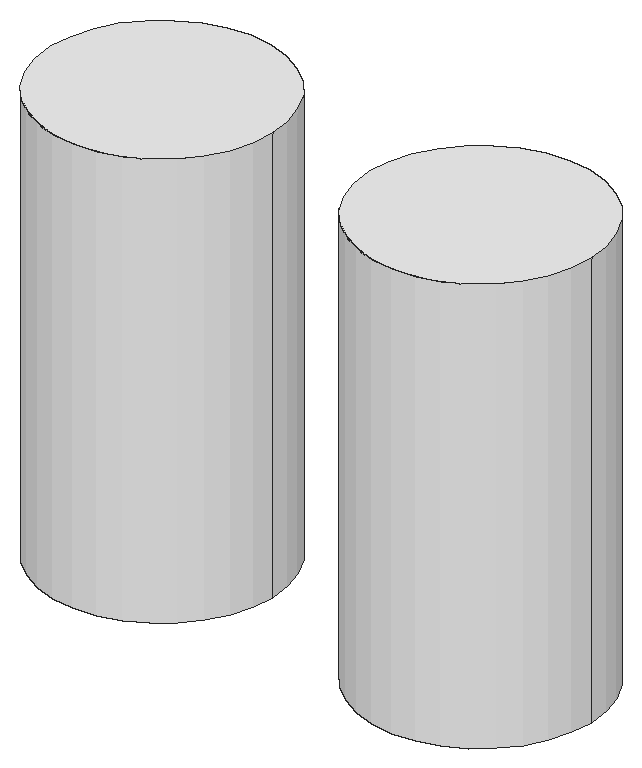
Revit family "55052281", category Plumbing Fixtures, Revit 2016
Family settings
  Part Type = Normal
  Round Connector Dimension = Use Diameter
  OmniClass Number = 23.45.55.00
  OmniClass Title = Sanitary Faucets, Wastes
  Work Plane-Based = No
  Always vertical = Yes
  Cut with Voids When Loaded = No
  Shared = No
  Room Calculation Point = No
Parameters (values of type "55052281 Washbasin faucet")
  WorkingPressure = "n/a"
  WarrantyStartDate [instance] = "n/a"
  WarrantyGuarantorParts = "n/a"
  WarrantyGuarantorLabor = "n/a"
  WarrantyDurationUnit = "Year"
  WarrantyDurationParts = "n/a"
  WarrantyDurationLabor = "n/a"
  WarrantyDescription = "http://warranty.hansa.com"
  VersionDate = "01/01/2019"  # constant formula
  Version = "2"  # constant formula
  ValvePattern = "n/a"
  ValveOperation = "n/a"
  ValveMechanism = "n/a"
  Usage Group = "Households"
  Uniclass2015Reference = "Pr_40_20_87_07"
  Uniclass2015Description = "Bath manual water supply sets"
  Uniclass2 = "Pr_40_30_96_07"
  URL = ""
  TestPressure = "n/a"
  TagNumber [instance] = "n/a"
  SustainabilityPerformance = "n/a"
  Spout Type = "Swivel spout, pull-out spout"
  Spout Swivel Range = "150° (70°)"
  Spare Parts = "http://static.hansa.com/sp/55052281"
  Size = "140x213x154 mm"
  Shape = "Sculptured"
  SerialNumber [instance] = "n/a"
  Revision = "2"  # constant formula
  ReplacementCost = "n/a"
  Projection = 168 mm
  ProductInformation = "n/a"
  Product URL = "http://static.hansa.com/55052281"
  Product Image URL = "http://static.hansa.com/image/55052281"
  Product Family = "HANSASIGNATUR"
  Product Datasheet = "http://www.hansa.com/datasheet/55052281/en"
  Product Code = "55052281"
  Pipes = "Flexible inlet pipe(s)"
  Package external Dimensions = "589 x 181 x 112"
  Package Weight = "2.459 kg"
  OperatingMechanismMaterial = "n/a"
  NominalWidth = 140.5 mm
  NominalHeight = 153.5 mm
  NominalDepth = 213.129 mm
  Name_en = "55052281 Washbasin faucet"
  Name = "55052281 Washbasin faucet"
  NBSReference = "45-35-70/371"
  NBSDescription = "Water supply fittings for wash basins and troughs"
  Mounting Holes = "1 mounting hole"
  ModelReference = "55052281"
  ModelNumber = "n/a"
  Model = "55052281 Washbasin faucet"
  Mechanical Parts = "Litter filter(s)"
  Material = "Brass"
  Market = "AUT;BEL;CZE;DEU;ESP;FRA;INT;ITA;NLD;SVK"
  ManufacturerName = "Hansa"
  Manufacturer = "Hansa"
  ManufacterURL = "http://www.hansa.com/"
  Long Marketing = ""
  Lever Handle = "Lever with H+C symbol"
  Keynote = ""
  InstallationDate [instance] = "n/a"
  Installation and Maintenance = "http://static.hansa.com/manual/55052281"
  Installation Type = "Deck mounted"
  InletConnectionSize = 16 mm
  IfcExportType = "FAUCET"  # constant formula
  IfcExportAs = "IfcValveType"  # constant formula
  Health Sales Arguments = "Surfaces in contact with drinking water do not have a nickel coating."
  Group = "Washbasin faucets"
  Grade = "n/a"
  FlowCoefficient = 0
  Flow Rate At 300kPa = 0.1 L/s
  Flow Drawing URL = "http://static.hansa.com/flowchart/55052281"
  Finish = "Polished"
  Features = "Single lever"
  FaucetMainMaterial = Brass
  FDV Document URL = "http://www.hansa.com/datasheet/55052281/en/fdv"
  Extensions = "Rapid pop-up waste"
  ExpectedLife = "n/a"
  EAN Number = "4015474278028"
  DurationUnit = "Year"
  Dimension Drawing URL = "http://static.hansa.com/dimdrw/55052281"
  Description = ""
  DefaultElevation [instance] = 900 mm
  DN Size = "DN15"
  Customs Code = "84818011"
  ConvergoRefNr = "0087-1809-0151-FI"
  Constituents = "n/a"
  Connection Size = "G3/8"
  Color = "Chrome"
  CodePerformance = "n/a"
  CloseOffRating = 0
  Class = "Single lever"
  Category = "Bathroom"
  Catalog Drawing URL = "http://static.hansa.com/catdrw/55052281"
  CWFU = 0
  Brand = "Hansa"
  BodyMaterial = "Brass"
  Barcode [instance] = "n/a"
  BIMObjectName = "55052281"
  Author = "Convergo AB"  # constant formula
  AssetType = "Fixed"
  AssetIdentifier [instance] = "n/a"
  Advanced Features = "Waterways without nickel coating"
  AccessibilityPerformance = "n/a"
  2D/3D/BIM Files URL = "http://static.hansa.com/bim/55052281"
Reference planes
  plane 1 "Center (Front/Back)": y = 0
  plane 2: z = 0
  plane 3 "Center (Left/Right)": x = 0
  plane 4: x = -35.5
  plane 5: z = 900
  plane 6: z = 870
  plane 7: y = -213.129
  plane 8: x = 35.5
  plane 9: z = 1053.5
  plane 10: x = 105
Forms (mm)
  Extrusion 1, solid, material "Brass" <- "FaucetMainMaterial"
    sketch origin (0, -7.5, 0) x (1, 0, 0) y (0, 1, 0)
      loop
        circle (-11.5, -22.5) r 8
      loop
        circle (11.5, -22.5) r 8
    from 870 to 900
Dimensions and locks
  "DefaultElevation": plane 5 to level
  locked: plane 5 to plane 6 at 30
  "NominalDepth": plane 7 to plane 1 "Center (Front/Back)"
  equal spacing: plane 4, plane 3 "Center (Left/Right)", plane 8
  "NominalHeight": plane 9 to plane 5
  plane 8 to plane 10 = 69.5 mm
  "NominalWidth": plane 4 to plane 10
  "InletConnectionSize": diameter of Extrusion 1 sketch curve  (x2)
  aligned and locked: level to plane 2
  aligned and locked: plane 5 to Extrusion 1
  aligned and locked: Extrusion 1 to plane 6
  aligned and locked: nested 2 to plane 5
Automatic sketch dimensions
  Extrusion 1 sketch curve to plane 3 "Center (Left/Right)" = 11.5 mm
  plane 3 "Center (Left/Right)" to Extrusion 1 sketch curve = 11.5 mm
  plane 1 "Center (Front/Back)" to Extrusion 1 sketch curve = 30 mm  (x2)
Nested families
  nested 1: "Symbol" at (0, 0, 0), type "Symbol", detail levels coarse
  nested 2: "55052281_p" at (0, 0, 900), Material <- "FaucetMainMaterial", type "55052281_p"
    with Material Brass
Connectors
  piping at (-11.5, -30, 870), diameter 16, driven by "InletConnectionSize", driven by "Flow Rate At 300kPa"
    settings: on Extrusion 1, index 1, connector inside diameter 609.6 mm, connector length 0 mm, flow factor 0, pipe flow 0.1 L/s, pressure drop 0.0 Pa, fitting loss kfactor 0, connector angle 0.00°, fixture units 0, engagement length 0 mm, angle of deflection 0.00°, flow configuration 1, flow direction 1, fitting loss method 0, system type 19, joint type 0, gender type 0, connector reference index -1, connector utility 0, adjustable connector no, is connector primary yes, connector description ""
  piping at (11.5, -30, 870), diameter 16, driven by "InletConnectionSize", driven by "Flow Rate At 300kPa"
    settings: on Extrusion 1, index 2, connector inside diameter 609.6 mm, connector length 0 mm, flow factor 0, pipe flow 0.1 L/s, pressure drop 0.0 Pa, fitting loss kfactor 0, connector angle 0.00°, fixture units 0, engagement length 0 mm, angle of deflection 0.00°, flow configuration 1, flow direction 1, fitting loss method 0, system type 20, joint type 0, gender type 0, connector reference index -1, connector utility 0, adjustable connector no, is connector primary no, connector description ""
Definition of nested family "Symbol"
  Reference planes
    plane 1: y = 0
    plane 2: x = 0
  Lines and regions (mm)
    detail lines
      curve 1: line (0, 0, 0) -> (0, -1.8, 0)
      curve 2: line (-0.4, -1.1, 0) -> (0.4, -1.1, 0)
      curve 3: line (-0.4, -1.4, 0) -> (0.4, -1.4, 0)
      curve 4: line (0.863, 0, 0) -> (-0.863, 0, 0)
      curve 5: circle (-1.163, 0, 0) r 0.3 normal (0, 0, -1)
      curve 6: circle (1.163, 0, 0) r 0.3 normal (0, 0, 1)
